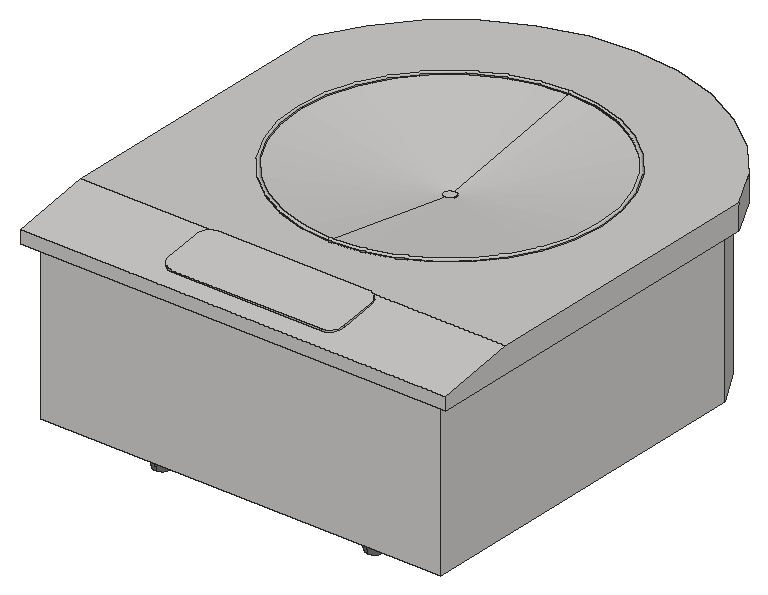
Revit family "QF_Vollrath_6958301", category Specialty Equipment, Revit 2016
Family settings
  Part Type = Normal
  Round Connector Dimension = Use Diameter
  OmniClass Number = 23.40.40.00
  OmniClass Title = Food Service Equipment and Furnishings
  Work Plane-Based = Yes
  Always vertical = Yes
  Cut with Voids When Loaded = No
  Shared = No
  Room Calculation Point = No
Parameters (values of type "240/60/1")
  Width = 17.00"
  Weight in Pounds = 34  # constant formula
  Watts = 3500 W
  Watermarked By = "http://revitwatermark.com"
  Volts = 240 V
  URL Cutsheet = ""
  Status [instance] = ""
  Specification by User [instance] = ""
  Specification by Manufacturer [instance] = ""
  Serial Number [instance] = ""
  Revision Code [instance] = ""
  Phase = 1
  Number of Poles [instance] = 1
  NAFEM Spec ID Number [instance] = ""
  Model = "6958301"
  Masterspec [instance] = ""
  Manufacturer = "Vollrath"
  Item Number [instance] = "-"
  Installed By [instance] = ""
  Furnished By [instance] = ""
  Foodservice Equipment Identifier = yes
  FL Amps = 14.6 A
  Electrical Remarks [instance] = ""
  Electric Connection Type [instance] = ""
  Elec Conn RI Height [instance] = 0.00"
  Elec Conn Connection Height = 2.00"
  Description = "Induction Wok"
  Depth = 20.125"
  Default Elevation = 0.00"
  Cycle = 60 Hz
  Conn Plug = "NEMA 6-20P"
  CSI MasterFormat = ""
  Apparent Power = if(Phase = 3, Volts * FL Amps * 1.73, Volts * FL Amps)  # 3504 VA
Types (3): name | Watts | Volts | Apparent Power
  (no name) | 3500 W | 240 V | 3504 VA
  208/60/1 | 3000 W | 208 V | 3036.8 VA
  240/60/1 | 3500 W | 240 V | 3504 VA
Reference planes (in)
  plane 1 "BACK": y = 0
  plane 2: z = 0
  plane 3 "LEFT": x = 0
  plane 4 "RIGHT": x = 17
  plane 5 "FRONT": y = -20.125
  plane 6 "TOP": z = 8.25
  plane 7: z = 7.25
  plane 8 "Bottom of Wok": z = 1
  plane 9: z = 0
  plane 10: y = -17.12
  plane 11: y = -5.48
  plane 12: y = -19.75
  plane 13: y = -18.365
  plane 14: y = -3.23
  plane 15 "Center 1": x = 4.25
  plane 16 "Center 2": x = 12.75
Forms (in)
  Extrusion 1, solid, material "QF_Finishes_Stainless Steel"
    sketch origin (0, 0, -29.97) x (0, 1, 0) y (0, 0, 1)
      loop
        line (-5.48, 38.22) -> (-17.12, 38.22) -> (-20.125, 37.72) -> (-20.125, 37.22) -> (-5.48, 37.22) -> (-5.48, 38.22)
    from 0 to 17
  Extrusion 2, solid, material "QF_Finishes_Stainless Steel"
    sketch origin (0, 0, 8.25) x (0, 1, 0) y (-1, 0, 0)
      loop
        line (-5.48, 0) -> (-5.48, -17)
        arc (-5.48, -17) -> (0.05635, -8.5) -> (-5.48, 0) r 9.29323
    from 0 to -1
  Extrusion 3, solid, material "QF_Finishes_Stainless Steel"
    sketch origin (0, 0, 1) x (0, 1, 0) y (-1, 0, 0)
      loop
        line (-19.75, -0.5) -> (-19.75, -16.5) -> (-5.5871, -16.5)
        arc (-5.5871, -16.5) -> (-0.44365, -8.5) -> (-5.5871, -0.5) r 8.79323
        line (-5.5871, -0.5) -> (-19.75, -0.5)
    from 0 to 6.25
  Revolve 4, solid, material "QF_Finishes_Rubber Black"
    sketch origin (4.25, 0, -29.97) x (0, 1, 0) y (0, 0, 1)
      loop
        line (-3.23, 29.97) -> (-2.9, 29.97) -> (-2.73, 30.97) -> (-3.23, 30.97) -> (-3.23, 29.97)
      axis (-3.23, 29.97) -> (-3.23, 30.97)
    angle from 0 to 360
  Revolve 5, solid, material "QF_Finishes_Rubber Black"
    sketch origin (12.75, 0, -29.97) x (0, 1, 0) y (0, 0, 1)
      loop
        line (-3.23, 29.97) -> (-2.9, 29.97) -> (-2.73, 30.97) -> (-3.23, 30.97) -> (-3.23, 29.97)
      axis (-3.23, 29.97) -> (-3.23, 30.97)
    angle from 0 to 360
  Revolve 6, solid, material "QF_Finishes_Rubber Black"
    sketch origin (12.75, -15.01, -29.97) x (0, 1, 0) y (0, 0, 1)
      loop
        line (-3.355, 29.97) -> (-3.025, 29.97) -> (-2.855, 30.97) -> (-3.355, 30.97) -> (-3.355, 29.97)
      axis (-3.355, 29.97) -> (-3.355, 30.97)
    angle from 0 to 360
  Revolve 7, solid, material "QF_Finishes_Rubber Black"
    sketch origin (4.25, -15.01, -29.97) x (0, 1, 0) y (0, 0, 1)
      loop
        line (-3.355, 29.97) -> (-3.025, 29.97) -> (-2.855, 30.97) -> (-3.355, 30.97) -> (-3.355, 29.97)
      axis (-3.355, 29.97) -> (-3.355, 30.97)
    angle from 0 to 360
  Extrusion 8, solid, material "QF_Finishes_Stainless Steel"
    sketch origin (0, -20.125, 7.75) x (0, 0.986438, 0.164133) y (-1, 0, 0)
      loop
        line (2.54631, -5) -> (1.2, -5)
        arc (1.2, -5) -> (0.84645, -5.14645) -> (0.7, -5.5) r 0.5
        line (0.7, -5.5) -> (0.7, -11.5)
        arc (0.7, -11.5) -> (0.84645, -11.85355) -> (1.2, -12) r 0.5
        line (1.2, -12) -> (2.54631, -12)
        arc (2.54631, -12) -> (2.89987, -11.85355) -> (3.04631, -11.5) r 0.5
        line (3.04631, -11.5) -> (3.04631, -5.5)
        arc (3.04631, -5.5) -> (2.89987, -5.14645) -> (2.54631, -5) r 0.5
    from 0 to 0.06
  Blend 9, void
    base sketch origin (0, 0, 8.25) x (0, 1, 0) y (-1, 0, 0)
      loop
        circle (-9.3, -8.5) r 6
    top sketch origin (0, 0, 8.25) x (0, 1, 0) y (-1, 0, 0)
      loop
        circle (-9.3, -8.5) r 0.25
    from 0 to -1
  Sweep 10, solid, material "QF_Finishes_Stainless Steel"
    path in 3D
      loop
        arc (8.5, -15.3, 8.25) -> (14.5, -9.3, 8.25) -> (8.5, -3.3, 8.25) r 6
        arc (8.5, -3.3, 8.25) -> (2.5, -9.3, 8.25) -> (8.5, -15.3, 8.25) r 6
    profile origin (2.5, -9.3, 8.25) x (1, 0, 0) y (0, 0, 1)
      loop
        circle (0, 0) r 0.0625
Cuts and joins
  Blend 9 cuts Extrusion 1
  Blend 9 cuts Extrusion 2
  joined: Extrusion 1, Extrusion 2
Lines and regions (in)
  sketch lines
    curve 1: arc (8.5, -3.3, 8.25) -> (2.5, -9.3, 8.25) -> (8.5, -15.3, 8.25) r 6
    curve 2: arc (8.5, -15.3, 8.25) -> (14.5, -9.3, 8.25) -> (8.5, -3.3, 8.25) r 6
  symbolic lines
    curve 3: arc (17, -5.48, 8.25) -> (8.5, 0.05635, 8.25) -> (0, -5.48, 8.25) r 9.29323
    curve 4: line (0, -5.48, 8.25) -> (0, -20.125, 8.25)
    curve 5: line (0, -20.125, 8.25) -> (17, -20.125, 8.25)
    curve 6: line (17, -20.125, 8.25) -> (17, -5.48, 8.25)
    curve 7: arc (8.5, -15.3, 8.25) -> (2.5, -9.3, 8.25) -> (8.5, -3.3, 8.25) r 6
    curve 8: arc (8.5, -3.3, 8.25) -> (14.5, -9.3, 8.25) -> (8.5, -15.3, 8.25) r 6
    curve 9: line (0, -17.12, 8.25) -> (17, -17.12, 8.25)
Dimensions and locks (in)
  "Width": plane 3 "LEFT" to plane 4 "RIGHT"
  "Depth": plane 5 "FRONT" to plane 1 "BACK"
  locked: plane 6 "TOP" to plane 7 at 1
  locked: plane 8 "Bottom of Wok" to plane 9 at 1
  plane 14 to plane 1 "BACK" = 3.23"
  plane 5 "FRONT" to plane 13 = 1.76"
  plane 3 "LEFT" to plane 15 "Center 1" = 4.25"
  plane 16 "Center 2" to plane 4 "RIGHT" = 4.25"
  plane 6 "TOP" to plane 2 = 8.25"
  plane 7 to plane 8 "Bottom of Wok" = 6.25"
  aligned and locked: level to plane 2
  aligned and locked: plane 4 "RIGHT" to Extrusion 1
  aligned and locked: Extrusion 2 to plane 7
  aligned and locked: plane 7 to Extrusion 3
  aligned and locked: Blend 9 to plane 7
Automatic sketch dimensions
  Extrusion 1 sketch curve to plane 5 "FRONT" = 0.00"
  Extrusion 1 sketch curve to plane 6 "TOP" = 0.00"
  Extrusion 1 sketch curve to plane 10 = 0.00"
  Extrusion 1 sketch curve to plane 7 = 0.00"
  Extrusion 1 sketch curve to plane 11 = 0.00"
  Extrusion 1 sketch curve to plane 6 "TOP" = 0.50"
  Extrusion 2 sketch curve to plane 4 "RIGHT" = 0.00"
  plane 11 to Extrusion 2 sketch curve = 0.00"
  Extrusion 2 sketch curve to plane 3 "LEFT" = 0.00"
  plane 11 to Extrusion 2 sketch curve = 3.75689"
  plane 12 to Extrusion 3 sketch curve = 0.00"
  plane 11 to Extrusion 3 sketch curve = 3.75689"
  plane 11 to Extrusion 3 sketch curve = 0.1071"  (x2)
  Extrusion 3 sketch curve to plane 4 "RIGHT" = 0.50"
  plane 3 "LEFT" to Extrusion 3 sketch curve = 8.50"
  Revolve 4 sketch curve to plane 9 = 0.00"  (x2)
  Revolve 4 sketch curve to plane 14 = 0.00"  (x2)
  Revolve 4 sketch curve to plane 8 "Bottom of Wok" = 0.00"  (x2)
  Revolve 4 sketch curve to Revolve 4 sketch curve = 0.33"
  Revolve 4 sketch curve to Revolve 4 sketch curve = 0.50"
  Revolve 5 sketch curve to plane 9 = 0.00"  (x2)
  Revolve 5 sketch curve to plane 14 = 0.00"  (x2)
  Revolve 5 sketch curve to plane 8 "Bottom of Wok" = 0.00"  (x2)
  Revolve 5 sketch curve to plane 14 = 0.33"
  Revolve 5 sketch curve to plane 14 = 0.50"
  Revolve 6 sketch curve to plane 9 = 0.00"  (x2)
  Revolve 6 sketch curve to plane 13 = 0.00"  (x2)
  Revolve 6 sketch curve to plane 8 "Bottom of Wok" = 0.00"  (x2)
  Revolve 6 sketch curve to Revolve 6 sketch curve = 0.33"
  Revolve 6 sketch curve to Revolve 6 sketch curve = 0.50"
  Revolve 7 sketch curve to plane 9 = 0.00"  (x2)
  Revolve 7 sketch curve to plane 13 = 0.00"  (x2)
  Revolve 7 sketch curve to plane 8 "Bottom of Wok" = 0.00"  (x2)
  Revolve 7 sketch curve to Revolve 7 sketch curve = 0.33"
  Revolve 7 sketch curve to Revolve 7 sketch curve = 0.50"
  Extrusion 1 to Extrusion 8 sketch curve = 0.00"
  Extrusion 1 to Extrusion 8 sketch curve = 0.50"
  Extrusion 8 sketch curve to Extrusion 1 = 1.20"  (x2)
  Extrusion 8 sketch curve to Extrusion 8 sketch curve = 0.50"  (x2)
  Extrusion 1 to Extrusion 8 sketch curve = 5.00"
  Extrusion 1 to Extrusion 8 sketch curve = 5.50"
  plane 11 to Blend 9 sketch curve = 3.82"  (x2)
  plane 15 "Center 1" to Blend 9 sketch curve = 4.25"  (x2)
  profile plane to Sweep 10 sketch curve = 0.00"
  Sweep 10 sketch curve to profile plane = 0.00"
  curve 4 to plane 3 "LEFT" = 0.00"
  plane 5 "FRONT" to curve 4 = 0.00"
  plane 10 to curve 9 = 0.00"
  plane 11 to curve 4 = 0.00"
  plane 11 to curve 3 = 0.00"
  curve 9 to plane 4 "RIGHT" = 0.00"
  curve 8 to plane 10 = 1.82"
  plane 11 to curve 7 = 3.82"
  curve 7 to curve 3 = 0.06311"
  plane 15 "Center 1" to curve 7 = 4.25"
  radius of Blend 9 sketch curve = 6.00"
  radius of Blend 9 sketch curve = 0.25"
  radius of Sweep 10 sketch curve = 0.0625"
